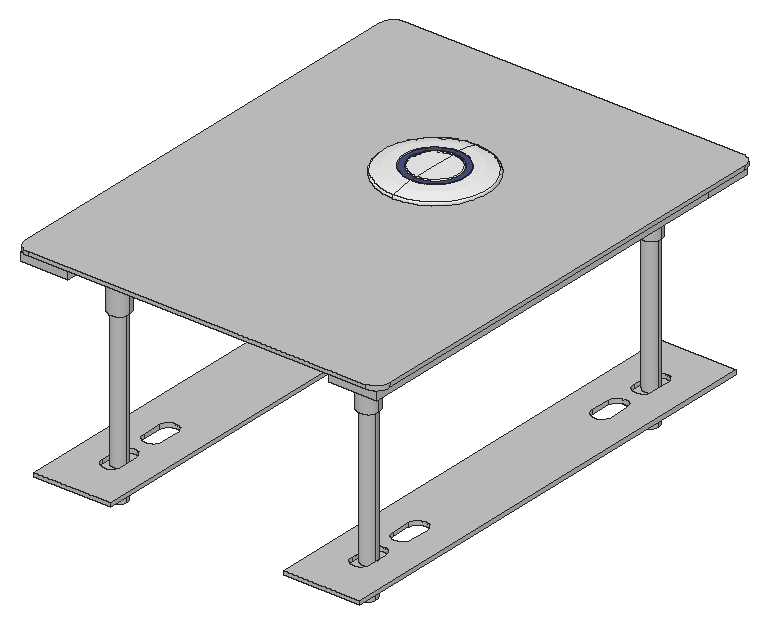
Revit family "PRD_AR_FlshCntrlDvcs_F5EElectronicWCControl_F5EF4003", category Specialty Equipment, host Face, Revit 2023
Family settings
  Host = Face
  Round Connector Dimension = Use Diameter
  Part Type = Normal
  OmniClass Number = 23.45.55.11
  OmniClass Title = Sanitary Components
  Enable Cutting in Views = Yes
  Cut with Voids When Loaded = Yes
  Maintain Annotation Orientation = No
  Shared = No
  Room Calculation Point = No
Parameters (values of type "F5EF4003")
  WithTransformerPowerSupply = "n/a"
  Waste Connection = yes
  WarrantyStartDate [instance] = "1900-12-31T23:59:59"
  WarrantyGuarantorParts = "n/a"
  WarrantyGuarantorLabor = "n/a"
  WarrantyDurationUnit = "n/a"
  WarrantyDurationParts = "n/a"
  WarrantyDurationLabor = "n/a"
  WarrantyDescription = "n/a"
  WallThicknessControl [instance] = if(WallThickness < 50 mm, 50 mm, if(WallThickness > 500 mm, 500 mm, WallThickness))  # 100 mm
  WallThickness [instance] = 100 mm
  WFU = 0
  Voltage [instance] = 24 V
  Version = "1"
  Vent Connection = yes
  Uniclass2015Version = "Products v1.36"
  Uniclass2015Title = "Flush control devices"
  Uniclass2015Code = "Pr_75_50_46_31"
  URL = "www.kwc-professional.com"
  TypeOfSensor = "piezo-electronic sensor"
  TypeOfPowerSupply = "n/a"
  TypeOfOperation = "sensor operation"
  TypeOfMounting = "bolt fix with duct wall"
  TypeOfFlushingFitting = "WC flush valve"
  Type IFC Predefined Type = "USERDEFINED"
  TagNumber [instance] = "n/a"
  SustainabilityPerformance = "n/a"
  SurfaceFinishCasing = "satin finished"
  Status = "New"
  SoundInsulation = "n/a"
  Size = "20"
  Shape = "n/a"
  SerialNumber [instance] = "n/a"
  Revision = "n/a"
  ReplacementCost = "n/a"
  Reference = "n/a"
  ProtectiveSystemIP = "IP59K"
  ProtectiveShutdown = "n/a"
  ProductInformation = "http://pim.kwc.com/product/2030068176/attachment/datasheet?locale=en"
  PowerSupplyConnection = "A3000 open 24 V DC"
  PowerFactor [instance] = 1
  PowerConsumption = "n/a"
  Poles [instance] = 1
  Parameterization = "network"
  NumberOfPoles [instance] = Poles  # 1
  NominalWidth = 190 mm
  NominalHeight = 245 mm
  NominalDepth = 2 mm
  Name = "F5E Electronic WC control F5EF4003"
  NBSTypeID = "n/a"
  NBSReference = "90-15-35/470"
  NBSOfficeMasterTag = "n/a"
  NBSNote = "n/a"
  NBSDescription = "Flush control devices"
  NBSCertification = "n/a"
  ModelReference = "F5EF4003"
  ModelNumber = "2030068176"
  Model = ModelReference  # "F5EF4003"
  MinimumFlushWaterVolume = "n/a"
  MinimumFlowPressure = "n/a"
  MaximumFlushingFlow = "n/a"
  MaximumFlushWaterVolume = "n/a"
  MaximumFlowPressure = "n/a"
  MaterialCodeCasing = "1.4301 Chrome Nickel steel V2A"
  MaterialCasing = "stainless steel"
  Material = "Stainless steel"
  MateriaFitting = "brass-look"
  ManufacturerURL = "www.kwc-professional.com"
  ManufacturerName = "KWC Group Management AG"
  Manufacturer = ManufacturerName  # "KWC Group Management AG"
  InstallationDate [instance] = "1900-12-31T23:59:59"
  IfcExportType = "USERDEFINED"
  IfcExportAs = "IfcSensorType"
  HygieneFlushing = "Yes"
  HWFU = 0
  HW Connection = yes
  Grade = "n/a"
  FunctionalPrinciple = "electronic self-closing"
  FlushingVolumeAdjustable = "n/a"
  Finish = "Satin finished"
  Features = "Stainless steel cover plate 190 x 245 x 2 mm for invisible mounting via threaded rods, up to a wall thickness of 50 to 500 mm."
  Export Type to IFC As = "IfcSensorType"
  ExpectedLife = "n/a"
  DurationUnit = "n/a"
  DiameterNominal = "DN 20"
  Description = "F5E - A3000 open WC control unit for cistern for concealed mounting, electronically controlled. Especially suitable for facilities at risk of vandalism. With waterproof electronic module with additional input for sensors to be provided by the client, maximum distance to electronic module 5 m, servomotor unit, two waterproof electric T-junctions for connection to system cable, stainless steel cover plate 190 x 245 x 2 mm for invisible mounting via threaded rods, up to a wall thickness of 50 to 500 mm, including piezo push-button and 2 m extension cable. Connection and maintenance via service room. Activated hygiene flushing 24 hours after the last activity. With facility for parameterization, cleaning deactivation and communication via ECC2 function controller, 24 V DC."
  DefaultAutomaticHygieneFlush = "24h after the last activity"
  Default Elevation = 1219.2 mm
  CreateOn = "05/2025"  # constant formula
  Constituents = "n/a"
  Color = "stainless steel-look"
  CodePerformance = "n/a"
  Category = "Pr_75_50_46_31, Flush control devices"
  CWFU = 0
  CW Connection = yes
  ButtonMaterial = PRD_AR_ChromatedBrass_HighPolished
  BodyMaterial = PRD_AR_StainlessSteel_Brushed
  BasicColour = "stainless steel-look"
  BarCode [instance] = "n/a"
  BIMObjectName = "PRD_AR_FlushControlDevices_F5EElectronicWCControl_F5EF4003"
  Author = "Archispace"
  AssetType = "Fixed"
  AssetIdentifier [instance] = "n/a"
  ApparentLoad [instance] = 0 VA
  AccessibilityPerformance = "n/a"
Reference planes
  plane 1 "Center (Front/Back)": y = 0
  plane 2: z = 0
  plane 3 "Center (Left/Right)": x = 0
  plane 4: z = -100
Forms (mm)
  Extrusion 1, void
    sketch origin (0, 0, 0) x (1, 0, 0) y (0, 1, 0)
      loop
        circle (0, 4.921) r 11.456
    from -25 to 17.126
  Extrusion 2, void
    sketch origin (0, 0, 0) x (1, 0, 0) y (0, 1, 0)
      loop
        line (-73.04, 101.038) -> (-73.04, 0) -> (-73.04, -101.038) -> (0, -101.038) -> (73.04, -101.038) -> (73.04, 0) -> (73.04, 101.038) -> (0, 101.038) -> (-73.04, 101.038)
    from 0 to -100
Dimensions and locks
  "WallThicknessControl": level to plane 4
  aligned and locked: plane 2 to host face
  aligned and locked: level to host face
  aligned and locked: Extrusion 2 to plane 4
Automatic sketch dimensions
  host sketch curve to host sketch curve = 2438.4 mm  (x2)
  Extrusion 1 sketch curve to Extrusion 1 sketch curve = 0 mm  (x2)
  Extrusion 1 sketch curve to plane 3 "Center (Left/Right)" = 0 mm
  Extrusion 1 sketch curve to plane 1 "Center (Front/Back)" = 4.921 mm
  Extrusion 1 sketch curve to Extrusion 1 sketch curve = 11.456 mm
  plane 1 "Center (Front/Back)" to Extrusion 2 sketch curve = 0 mm  (x2)
  Extrusion 2 sketch curve to plane 3 "Center (Left/Right)" = 0 mm  (x2)
  Extrusion 2 sketch curve to Extrusion 2 sketch curve = 73.04 mm
  plane 3 "Center (Left/Right)" to Extrusion 2 sketch curve = 73.04 mm
  plane 1 "Center (Front/Back)" to Extrusion 2 sketch curve = 101.038 mm
  Extrusion 2 sketch curve to plane 1 "Center (Front/Back)" = 101.038 mm
Nested families
  nested 1: "ElectronicWCControl" at (0, 0, 0) x (-1, 0, 0) z (0, 0, 1), Wall Thickness <- "WallThickness", type "ElectronicWCControl"
    with Wall Thickness_Control 100 mm, Wall Thickness 100 mm
Connectors
  electrical at (0, 32.5, -15.835), driven by "Voltage", driven by "ApparentLoad", driven by "PowerFactor", driven by "Poles"
    settings: on nested 1, index 1, voltage 24 V, apparent load 0 VA, apparent load phase1 0 VA, apparent load phase2 0 VA, apparent load phase3 0 VA, power factor 1, load classification "Power", number of poles 1, system type 30, power factor state 1, is connector primary yes, connector utility no, sub classification motor no, connector description "Power"
Definition of nested family "ElectronicWCControl"
  Parameters (values of type "ElectronicWCControl")
    Wall Thickness_Control [instance] = if(Wall Thickness < 50 mm, 50 mm, if(Wall Thickness > 500 mm, 500 mm, Wall Thickness))  # 130 mm
    Wall Thickness [instance] = 130 mm
    Material Button = none
    Material = none
    Default Elevation = 0 mm
  Reference planes
    plane 1 "Center (Front/Back)": y = 0
    plane 2: z = 0
    plane 3 "Center (Left/Right)": x = 0
    plane 4: z = -148.736
    plane 5: z = -132
    plane 6: z = -130
    plane 7: z = 2
    plane 8: z = -4.4
    plane 9: z = 26
    plane 10: z = -18
    plane 11: z = -15.91
  Forms (mm)
    Extrusion 1, solid, material <- "Material", detail levels fine
      sketch origin (0, 0, 0) x (1, 0, 0) y (0, 1, 0)
        loop
          line (-95, 115.5) -> (-95, -115.5)
          arc (-95, -115.5) -> (-92.95, -120.45) -> (-88, -122.5) r 7
          line (-88, -122.5) -> (88, -122.5)
          arc (88, -122.5) -> (92.95, -120.45) -> (95, -115.5) r 7
          line (95, -115.5) -> (95, 115.5)
          arc (95, 115.5) -> (92.95, 120.45) -> (88, 122.5) r 7
          line (88, 122.5) -> (-88, 122.5)
          arc (-88, 122.5) -> (-92.95, 120.45) -> (-95, 115.5) r 7
      from 0 to 2
    Extrusion 2, solid, material <- "Material", detail levels fine
      sketch origin (0, 0, 0) x (1, 0, 0) y (0, 1, 0)
        loop
          line (-93, 121.5) -> (-93, -94.5) -> (-68, -94.5) -> (-68, 121.5) -> (-93, 121.5)
        loop
          line (93, 121.5) -> (68, 121.5) -> (68, -94.5) -> (93, -94.5) -> (93, 121.5)
      from -4.4 to 0
    Extrusion 3, solid, material <- "Material", detail levels fine
      sketch origin (0, 0, 0) x (1, 0, 0) y (0, 1, 0)
        loop
          line (-93, -94.5) -> (-93, -119.5) -> (93, -119.5) -> (93, -94.5) -> (-93, -94.5)
      from -4.4 to 0
    Extrusion 4, solid, material <- "Material", detail levels medium+fine
      sketch origin (0, 0, 0) x (1, 0, 0) y (0, 1, 0)
        loop
          circle (-64.946, 92.047) r 5.42
      from -30.436 to 0
    Extrusion 5, solid, material <- "Material", detail levels medium+fine
      sketch origin (0, 0, 0) x (-1, 0, 0) y (0, -1, 0)
        loop
          circle (-64.946, -92.047) r 5.42
      from -30.436 to 0
    Extrusion 6, solid, material <- "Material", detail levels medium+fine
      sketch origin (0, 0, 0) x (-1, 0, 0) y (0, -1, 0)
        loop
          circle (-64.946, 92.047) r 5.42
      from -30.436 to 0
    Extrusion 7, solid, material <- "Material", detail levels medium+fine
      sketch origin (0, 0, 0) x (1, 0, 0) y (0, 1, 0)
        loop
          circle (-64.946, -92.047) r 5.42
      from -30.436 to 0
    Extrusion 8, solid, material <- "Material", detail levels medium+fine
      sketch origin (0, 0, 0) x (1, 0, 0) y (0, 1, 0)
        loop
          circle (-64.946, 92.047) r 4.038
        loop
          circle (64.946, 92.047) r 4.038
        loop
          circle (64.946, -92.047) r 4.038
        loop
          circle (-64.946, -92.047) r 4.038
      from -148.736 to -30.436
    Sweep 9, solid, material <- "Material", detail levels fine
      path origin (0, 0, 0) x (0, 1, 0) y (0, 0, 1)
        loop
          line (122.5, -132) -> (122.5, -130)
      profile origin (0, 122.5, -131) x (0, -1, 0) y (1, 0, 0)
        loop
          line (0, -85) -> (245, -85) -> (245, -45) -> (0, -45) -> (0, -85)
        loop
          line (192.5, -60) -> (182.5, -60)
          arc (182.5, -60) -> (177.5, -65) -> (182.5, -70) r 5
          line (182.5, -70) -> (192.5, -70)
          arc (192.5, -70) -> (197.5, -65) -> (192.5, -60) r 5
        loop
          line (219.5, -60) -> (209.5, -60)
          arc (209.5, -60) -> (204.5, -65) -> (209.5, -70) r 5
          line (209.5, -70) -> (219.5, -70)
          arc (219.5, -70) -> (224.5, -65) -> (219.5, -60) r 5
        loop
          arc (52.5, -60) -> (47.5, -65) -> (52.5, -70) r 5
          line (52.5, -70) -> (62.5, -70)
          arc (62.5, -70) -> (67.5, -65) -> (62.5, -60) r 5
          line (62.5, -60) -> (52.5, -60)
        loop
          arc (25.5, -60) -> (20.5, -65) -> (25.5, -70) r 5
          line (25.5, -70) -> (35.5, -70)
          arc (35.5, -70) -> (40.5, -65) -> (35.5, -60) r 5
          line (35.5, -60) -> (25.5, -60)
        loop
          line (0, 85) -> (0, 45) -> (245, 45) -> (245, 85) -> (0, 85)
        loop
          arc (192.5, 60) -> (197.5, 65) -> (192.5, 70) r 5
          line (192.5, 70) -> (182.5, 70)
          arc (182.5, 70) -> (177.5, 65) -> (182.5, 60) r 5
          line (182.5, 60) -> (192.5, 60)
        loop
          arc (219.5, 60) -> (224.5, 65) -> (219.5, 70) r 5
          line (219.5, 70) -> (209.5, 70)
          arc (209.5, 70) -> (204.5, 65) -> (209.5, 60) r 5
          line (209.5, 60) -> (219.5, 60)
        loop
          line (52.5, 60) -> (62.5, 60)
          arc (62.5, 60) -> (67.5, 65) -> (62.5, 70) r 5
          line (62.5, 70) -> (52.5, 70)
          arc (52.5, 70) -> (47.5, 65) -> (52.5, 60) r 5
        loop
          line (25.5, 60) -> (35.5, 60)
          arc (35.5, 60) -> (40.5, 65) -> (35.5, 70) r 5
          line (35.5, 70) -> (25.5, 70)
          arc (25.5, 70) -> (20.5, 65) -> (25.5, 60) r 5
    Sweep 10, solid, material <- "Material", detail levels fine
      path origin (0, 0, 0) x (0, 1, 0) y (0, 0, 1)
        loop
          line (106, -135) -> (106, -132)
      profile origin (0, 106, -133.5) x (0, -1, 0) y (1, 0, 0)
        loop
          circle (13.984, -64.949) r 13.871
        loop
          circle (13.984, 64.949) r 13.871
        loop
          circle (198.016, -64.949) r 13.871
        loop
          circle (198.016, 64.949) r 13.871
    Sweep 11, solid, material <- "Material", detail levels fine
      path origin (0, 0, 0) x (0, 1, 0) y (0, 0, 1)
        loop
          line (93.672, -141.8) -> (93.672, -135)
      profile origin (0, 93.672, -138.4) x (0, -1, 0) y (1, 0, 0)
        loop
          line (-5.834, -65) -> (-2.081, -71.5) -> (5.425, -71.5) -> (9.177, -65) -> (5.425, -58.5) -> (-2.081, -58.5) -> (-5.834, -65)
        loop
          line (-5.834, 65) -> (-2.081, 58.5) -> (5.425, 58.5) -> (9.177, 65) -> (5.425, 71.5) -> (-2.081, 71.5) -> (-5.834, 65)
        loop
          line (193.177, -65) -> (189.425, -58.5) -> (181.919, -58.5) -> (178.166, -65) -> (181.919, -71.5) -> (189.425, -71.5) -> (193.177, -65)
        loop
          line (193.177, 65) -> (189.425, 71.5) -> (181.919, 71.5) -> (178.166, 65) -> (181.919, 58.5) -> (189.425, 58.5) -> (193.177, 65)
    Extrusion 12, solid, material <- "Material", detail levels coarse
      sketch origin (0, 122.5, -132) x (0, 1, 0) y (-1, 0, 0)
        loop
          line (0, 95) -> (-245, 95) -> (-245, -95) -> (0, -95) -> (0, 95)
      from -16.736 to 134
    Extrusion 13, solid, material <- "Material", detail levels medium
      sketch origin (0, 122.5, -132) x (0, 1, 0) y (-1, 0, 0)
        loop
          line (-245, 95) -> (-245, -95) -> (0, -95) -> (0, 95) -> (-245, 95)
      from 127.6 to 134
    Sweep 14, solid, material <- "Material", detail levels medium
      path origin (0, 0, 0) x (0, 1, 0) y (0, 0, 1)
        loop
          line (122.5, -132) -> (122.5, -130)
      profile origin (0, 122.5, -131) x (0, -1, 0) y (1, 0, 0)
        loop
          line (0, -85) -> (245, -85) -> (245, -45) -> (0, -45) -> (0, -85)
        loop
          line (0, 85) -> (0, 45) -> (245, 45) -> (245, 85) -> (0, 85)
    Revolve 15, solid, material <- "Material Button", detail levels fine
      sketch origin (0, 0, 0) x (0, 1, 0) y (0, 0, 1)
        loop
          line (-32.5, 2) -> (-4.961, 2)
          arc (-4.961, 2) -> (-5.113, 2.697) -> (-5.668, 3.145) r 1.075
          arc (-5.668, 3.145) -> (-11.207, 4.703) -> (-16.94, 5.195) r 30.555
          line (-16.94, 5.195) -> (-16.94, 3.123) -> (-32.5, 3.123) -> (-32.5, 2)
        axis (-32.5, 5.195) -> (-32.5, 2)
      angle from 0 to 360
    Revolve 16, solid, detail levels fine
      sketch origin (0, 0, 0) x (0, 1, 0) y (0, 0, 1)
        loop
          line (-17.049, 5.195) -> (-19.966, 5.195) -> (-19.966, 3.911) -> (-21.528, 3.911) -> (-21.528, 2.7) -> (-17.049, 2.7) -> (-17.049, 5.195)
        axis (-32.5, 2.7) -> (-32.5, 5.195)
      angle from 0 to 360
    Revolve 17, solid, material <- "Material Button", detail levels fine
      sketch origin (0, 0, 0) x (0, 1, 0) y (0, 0, 1)
        loop
          arc (-20.005, 4.697) -> (-20.15, 5.049) -> (-20.502, 5.195) r 0.498
          line (-20.502, 5.195) -> (-32.5, 5.195) -> (-32.5, 3.911) -> (-20.005, 3.911) -> (-20.005, 4.697)
        axis (-32.5, 5.195) -> (-32.5, 3.911)
      angle from 0 to 360
    Revolve 18, solid, detail levels fine
      sketch origin (0, 0, 0) x (0, 1, 0) y (0, 0, 1)
        loop
          line (-32.5, 0) -> (-32.5, -15.835) -> (-22.325, -15.835) -> (-22.325, -14.272) -> (-21.52, -13.467) -> (-21.52, -11.75) -> (-20.333, -11.75) -> (-19.601, -10.25) -> (-18.756, -10.25) -> (-18.756, -3.05) -> (-22.325, -3.05) -> (-22.325, 0) -> (-32.5, 0)
        axis (-32.5, 0) -> (-32.5, -15.835)
      angle from 0 to 360
    Revolve 19, solid, material <- "Material Button", detail levels coarse+medium
      sketch origin (0, 0, 0) x (0, 1, 0) y (0, 0, 1)
        loop
          line (-32.5, 2) -> (-4.961, 2) -> (-4.961, 5.195) -> (-32.5, 5.195) -> (-32.5, 2)
        axis (-32.5, 5.195) -> (-32.5, 2)
      angle from 0 to 360
    Revolve 20, solid, detail levels medium
      sketch origin (0, 0, 0) x (0, 1, 0) y (0, 0, 1)
        loop
          line (-32.5, -3.05) -> (-32.5, -15.835) -> (-18.756, -15.835) -> (-18.756, -3.05) -> (-22.325, -3.05) -> (-22.325, 0) -> (-32.5, 0) -> (-32.5, -3.05)
        axis (-32.5, 0) -> (-32.5, -15.835)
      angle from 0 to 360
    Revolve 21, solid, detail levels coarse
      sketch origin (0, 0, 0) x (0, 1, 0) y (0, 0, 1)
        loop
          line (-32.5, -3.05) -> (-32.5, -15.91) -> (-18.756, -15.91) -> (-18.756, 0) -> (-32.5, 0) -> (-32.5, -3.05)
        axis (-32.5, 0) -> (-32.5, -15.91)
      angle from 0 to 360
  Dimensions and locks
    locked: plane 5 to plane 4 at 16.736
    locked: Sweep 9 sketch curve to plane 5 at 2
    locked: Sweep 10 sketch curve to Sweep 10 sketch curve at 3
    locked: plane 5 to Sweep 11 sketch curve at 3
    locked: Sweep 11 sketch curve to Sweep 11 sketch curve at 6.8
    locked: plane 6 to plane 5 at 2
    "Wall Thickness_Control": level to plane 6
    locked: plane 7 to plane 11 at 17.91
    aligned and locked: level to plane 2
    aligned and locked: Extrusion 8 to plane 4
    aligned and locked: plane 5 to Sweep 9 sketch curve
    aligned and locked: plane 5 to Sweep 10 sketch curve
    aligned and locked: Extrusion 12 to plane 4
    aligned and locked: Extrusion 13 to Extrusion 1
    aligned and locked: Extrusion 12 to Extrusion 1
    aligned and locked: plane 11 to Revolve 21
    aligned and locked: Extrusion 13 to plane 8
  Automatic sketch dimensions
    Extrusion 1 sketch curve to plane 3 "Center (Left/Right)" = 95 mm
    Extrusion 1 sketch curve to Extrusion 1 sketch curve = 7 mm  (x3)
    plane 3 "Center (Left/Right)" to Extrusion 1 sketch curve = 88 mm  (x2)
    plane 1 "Center (Front/Back)" to Extrusion 1 sketch curve = 122.5 mm
    Extrusion 1 sketch curve to plane 1 "Center (Front/Back)" = 115.5 mm
    Extrusion 2 sketch curve to plane 3 "Center (Left/Right)" = 93 mm
    Extrusion 2 sketch curve to Extrusion 2 sketch curve = 25 mm  (x2)
    plane 3 "Center (Left/Right)" to Extrusion 2 sketch curve = 68 mm
    plane 1 "Center (Front/Back)" to Extrusion 2 sketch curve = 94.5 mm  (x2)
    Extrusion 2 sketch curve to plane 1 "Center (Front/Back)" = 121.5 mm  (x2)
    Extrusion 3 sketch curve to plane 3 "Center (Left/Right)" = 93 mm
    plane 3 "Center (Left/Right)" to Extrusion 3 sketch curve = 93 mm
    plane 1 "Center (Front/Back)" to Extrusion 3 sketch curve = 119.5 mm
    Extrusion 3 sketch curve to Extrusion 3 sketch curve = 25 mm
    Extrusion 4 sketch curve to plane 3 "Center (Left/Right)" = 64.946 mm
    Extrusion 4 sketch curve to plane 1 "Center (Front/Back)" = 92.047 mm
    plane 3 "Center (Left/Right)" to Extrusion 5 sketch curve = 64.946 mm
    Extrusion 5 sketch curve to plane 1 "Center (Front/Back)" = 92.047 mm
    plane 3 "Center (Left/Right)" to Extrusion 6 sketch curve = 64.946 mm
    plane 1 "Center (Front/Back)" to Extrusion 6 sketch curve = 92.047 mm
    Extrusion 7 sketch curve to plane 3 "Center (Left/Right)" = 64.946 mm
    plane 1 "Center (Front/Back)" to Extrusion 7 sketch curve = 92.047 mm
    Extrusion 8 sketch curve to plane 3 "Center (Left/Right)" = 64.946 mm  (x2)
    plane 3 "Center (Left/Right)" to Extrusion 8 sketch curve = 64.946 mm  (x2)
    plane 1 "Center (Front/Back)" to Extrusion 8 sketch curve = 92.047 mm  (x2)
    Extrusion 8 sketch curve to plane 1 "Center (Front/Back)" = 92.047 mm  (x2)
    Sweep 9 sketch curve to plane 1 "Center (Front/Back)" = 122.5 mm
    Sweep 9 sketch curve to profile plane = 0 mm  (x2)
    Sweep 9 sketch curve to profile plane = 25.5 mm  (x2)
    Sweep 9 sketch curve to Sweep 9 sketch curve = 10 mm  (x8)
    Sweep 9 sketch curve to Sweep 9 sketch curve = 17 mm  (x4)
    Sweep 9 sketch curve to plane 3 "Center (Left/Right)" = 70 mm  (x2)
    Sweep 9 sketch curve to Sweep 9 sketch curve = 120 mm  (x2)
    Sweep 9 sketch curve to Sweep 9 sketch curve = 25.5 mm  (x2)
    Sweep 9 sketch curve to Sweep 9 sketch curve = 15 mm  (x5)
    Sweep 9 sketch curve to Sweep 9 sketch curve = 0 mm  (x4)
    Sweep 9 sketch curve to Sweep 9 sketch curve = 5 mm  (x8)
    plane 3 "Center (Left/Right)" to Sweep 9 sketch curve = 45 mm
    Sweep 10 sketch curve to plane 1 "Center (Front/Back)" = 106 mm
    Sweep 10 sketch curve to profile plane = 13.984 mm  (x2)
    plane 3 "Center (Left/Right)" to Sweep 10 sketch curve = 64.949 mm  (x2)
    Sweep 10 sketch curve to Sweep 10 sketch curve = 184.032 mm
    Sweep 10 sketch curve to plane 3 "Center (Left/Right)" = 64.949 mm  (x2)
    Sweep 10 sketch curve to Sweep 10 sketch curve = 0 mm
    Sweep 11 sketch curve to plane 1 "Center (Front/Back)" = 93.672 mm
    profile plane to Sweep 11 sketch curve = 5.834 mm  (x2)
    profile plane to Sweep 11 sketch curve = 2.081 mm  (x4)
    Sweep 11 sketch curve to profile plane = 5.425 mm  (x4)
    Sweep 11 sketch curve to Sweep 11 sketch curve = 3.753 mm  (x8)
    plane 3 "Center (Left/Right)" to Sweep 11 sketch curve = 65 mm  (x2)
    Sweep 11 sketch curve to Sweep 11 sketch curve = 168.989 mm
    Sweep 11 sketch curve to plane 3 "Center (Left/Right)" = 65 mm  (x2)
    Sweep 11 sketch curve to Sweep 11 sketch curve = 0 mm
    Sweep 11 sketch curve to plane 3 "Center (Left/Right)" = 71.5 mm  (x2)
    plane 3 "Center (Left/Right)" to Sweep 11 sketch curve = 71.5 mm
    plane 3 "Center (Left/Right)" to Sweep 11 sketch curve = 58.5 mm  (x2)
    Sweep 11 sketch curve to Sweep 11 sketch curve = 7.506 mm  (x4)
    Sweep 11 sketch curve to Sweep 11 sketch curve = 6.5 mm  (x7)
    plane 1 "Center (Front/Back)" to Extrusion 12 sketch curve = 122.5 mm
    plane 3 "Center (Left/Right)" to Extrusion 12 sketch curve = 95 mm
    Extrusion 12 sketch curve to plane 1 "Center (Front/Back)" = 122.5 mm
    Extrusion 12 sketch curve to plane 3 "Center (Left/Right)" = 95 mm
    plane 1 "Center (Front/Back)" to Extrusion 13 sketch curve = 122.5 mm
    Extrusion 13 sketch curve to plane 3 "Center (Left/Right)" = 95 mm
    plane 3 "Center (Left/Right)" to Extrusion 13 sketch curve = 95 mm
    Extrusion 13 sketch curve to plane 1 "Center (Front/Back)" = 122.5 mm
    Sweep 14 sketch curve to plane 6 = 0 mm
    Sweep 14 sketch curve to plane 5 = 0 mm
    Sweep 14 sketch curve to plane 1 "Center (Front/Back)" = 122.5 mm
    Sweep 14 sketch curve to profile plane = 0 mm  (x2)
    plane 3 "Center (Left/Right)" to Sweep 14 sketch curve = 45 mm
    Sweep 14 sketch curve to plane 3 "Center (Left/Right)" = 85 mm
    Sweep 14 sketch curve to Sweep 14 sketch curve = 40 mm  (x2)
    Sweep 14 sketch curve to Sweep 14 sketch curve = 0 mm
    Sweep 14 sketch curve to profile plane = 245 mm
    Revolve 15 sketch curve to plane 7 = 0 mm
    plane 1 "Center (Front/Back)" to Revolve 15 sketch curve = 32.5 mm
    plane 7 to Revolve 15 sketch curve = 1.123 mm
    Revolve 15 sketch curve to Revolve 15 sketch curve = 15.56 mm
    Revolve 15 sketch curve to plane 10 = 7.36 mm
    plane 1 "Center (Front/Back)" to Revolve 15 sketch curve = 16.672 mm
    plane 7 to Revolve 15 sketch curve = 0.133 mm
    plane 1 "Center (Front/Back)" to Revolve 15 sketch curve = 6.028 mm
    Revolve 15 sketch curve to Revolve 15 sketch curve = 1.066 mm
    Revolve 15 sketch curve to Revolve 15 sketch curve = 2.072 mm
    Revolve 15 sketch curve to Revolve 15 sketch curve = 0 mm
    Revolve 15 sketch curve to level = 1.544 mm
    Revolve 15 sketch curve to Revolve 15 sketch curve = 0.561 mm
    plane 7 to Revolve 17 sketch curve = 1.911 mm
    plane 1 "Center (Front/Back)" to Revolve 17 sketch curve = 32.5 mm
    plane 7 to Revolve 17 sketch curve = 3.195 mm
    Revolve 17 sketch curve to Revolve 17 sketch curve = 11.998 mm
    Revolve 17 sketch curve to Revolve 17 sketch curve = 0.498 mm
    Revolve 17 sketch curve to Revolve 17 sketch curve = 0 mm  (x2)
    plane 7 to Revolve 17 sketch curve = 0.43 mm
    plane 7 to Revolve 16 sketch curve = 0.7 mm
    plane 1 "Center (Front/Back)" to Revolve 16 sketch curve = 21.528 mm
    Revolve 16 sketch curve to Revolve 16 sketch curve = 1.561 mm
    Revolve 16 sketch curve to Revolve 16 sketch curve = 2.917 mm
    plane 7 to Revolve 16 sketch curve = 1.911 mm
    Revolve 16 sketch curve to Revolve 16 sketch curve = 1.284 mm
    Revolve 16 sketch curve to Revolve 16 sketch curve = 10.972 mm
    plane 10 to Revolve 16 sketch curve = 2.2 mm
    plane 7 to Revolve 16 sketch curve = 7.85 mm
    Revolve 19 sketch curve to plane 7 = 0 mm
    plane 1 "Center (Front/Back)" to Revolve 19 sketch curve = 32.5 mm
    plane 1 "Center (Front/Back)" to Revolve 19 sketch curve = 4.961 mm
    plane 7 to Revolve 19 sketch curve = 3.195 mm
    Revolve 19 sketch curve to Revolve 19 sketch curve = 0 mm  (x2)
    Revolve 19 sketch curve to level = 1.544 mm
    Revolve 20 sketch curve to level = 0 mm
    plane 8 to Revolve 20 sketch curve = 1.35 mm  (x2)
    plane 1 "Center (Front/Back)" to Revolve 20 sketch curve = 32.5 mm
    Revolve 20 sketch curve to Revolve 20 sketch curve = 10.175 mm
    Revolve 20 sketch curve to Revolve 20 sketch curve = 13.744 mm
    Revolve 20 sketch curve to Revolve 20 sketch curve = 0 mm  (x3)
    plane 10 to Revolve 20 sketch curve = 2.165 mm
    Revolve 21 sketch curve to level = 0 mm
    plane 8 to Revolve 21 sketch curve = 1.35 mm
    plane 1 "Center (Front/Back)" to Revolve 21 sketch curve = 32.5 mm
    Revolve 21 sketch curve to Revolve 21 sketch curve = 13.744 mm
    plane 10 to Revolve 21 sketch curve = 1.656 mm
    Revolve 21 sketch curve to Revolve 21 sketch curve = 0 mm  (x2)
    plane 6 to Revolve 21 sketch curve = 114.09 mm
    Revolve 18 sketch curve to level = 0 mm
    plane 1 "Center (Front/Back)" to Revolve 18 sketch curve = 32.5 mm
    plane 10 to Revolve 18 sketch curve = 3.728 mm
    Revolve 18 sketch curve to Revolve 18 sketch curve = 10.175 mm  (x2)
    plane 8 to Revolve 18 sketch curve = 1.35 mm
    Revolve 18 sketch curve to Revolve 18 sketch curve = 0.805 mm  (x2)
    Revolve 18 sketch curve to Revolve 18 sketch curve = 1.187 mm
    Revolve 18 sketch curve to plane 8 = 5.85 mm
    Revolve 18 sketch curve to Revolve 18 sketch curve = 0.732 mm
    Revolve 18 sketch curve to Revolve 18 sketch curve = 3.57 mm
    plane 10 to Revolve 18 sketch curve = 2.165 mm
    Revolve 18 sketch curve to Revolve 18 sketch curve = 1.5 mm
    Revolve 18 sketch curve to plane 8 = 2.259 mm
    Revolve 18 sketch curve to Revolve 18 sketch curve = 0 mm
    Revolve 18 sketch curve to plane 10 = 2.551 mm
    radius of Extrusion 4 sketch curve = 5.42 mm
    radius of Extrusion 5 sketch curve = 5.42 mm
    radius of Extrusion 6 sketch curve = 5.42 mm
    radius of Extrusion 7 sketch curve = 5.42 mm
    radius of Extrusion 8 sketch curve = 4.038 mm  (x4)
    radius of Sweep 10 sketch curve = 13.871 mm  (x4)
